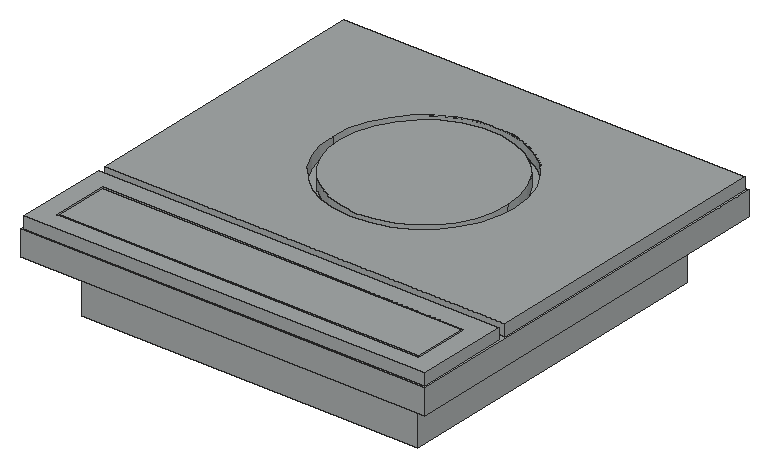
Revit family "Gira_5531902", category Electrical Fixtures, host Face, Revit 2017
Family settings
  Host = Face
  Maintain Annotation Orientation = Yes
  Round Connector Dimension = Use Diameter
  Part Type = Normal
  Cut with Voids When Loaded = No
  Shared = No
  Room Calculation Point = No
Parameters (values of type "Call-btn mod.1-g System 106 traffic white(lac.)")
  Width = "0.1065"
  URL = "http://katalog.gira.de/en/datenblatt.html?artikelnr=5531902"
  Number of bell buttons = "1"
  Name = "Call-btn mod.1-g System 106 traffic white(lac.)"
  Model = "Sys106_Abdeckung_Schalten und Tasten"
  Manufacturer URL = "https://www.gira.de/"
  Manufacturer = "Gira"
  Installation technique = "Bus system"
  HeinzeBIM = "https://bimportal.heinze.de/bim/call-btn-mod-1-g-system-106-traffic-white-lac-/81a64e93db3b58fda3296048e7ac68b0a3b0f5c1"
  Height = "0.1065"
  HAN = "5531902"
  GTIN = "4010337022602"
  Edelstahl [instance] = Edelstahl
  Description = "C.btn mod.1g S106 TWl,System 106 call-button module,1-gang,Traffic white (laquered),The Gira System 106 is an installation system made of metal in a puristic and elegant frameless design, based on basic measurements of 106.5 × 106.5 mm. With the modular door intercom in Gira System 106, hospitality begins even before you reach the front door. All the functions are presented in a harmonious overall appearance, from the call button module, intercom module, and camera module, up to the info and blank module. In the dark, backlit call buttons with inscription space ensure good legibility and an attractive appearance.,,Individually adaptable modular system, The System 106 can be used in family homes or apartment buildings, as well as in office buildings, industrial properties, and hotels. The modular design enables the system's size, design, and functionality to be individually adapted to the respective requirements. Expansions and changes are possible at any time by easily exchanging the modules.,With this system, it is also possible to exchange the fronts only. This means that the appearance of the system can be changed from e.g. traffic white to a stainless steel surface at a later stage, without having to exchange the electronic units.,,High-quality materials,The modules are frameless with design fronts made of genuine materials, available in two brushed stainless steel versions (V2A and V4A), anodised aluminium C-0, and a metal alloy lacquered in traffic white (RAL 9016): all robust materials which ensure durability. The camera and DIN 18040 display module feature a black glass cover.,,Easy and phased installation,The system can be installed in phases, in parallel to the progress of building work. In this way, it is possible to initially install only the lower part of a surface-mounted housing during construction of the shell; cables and modules can then be added when they are needed.,,Individual inscription options,Call button modules and info modules can be labelled individually via the Gira inscription service.,,Features:,- Easy-to-use, vandal-proof, and scratch-resistant call buttons.,- Function changes, e.g. from 2-gang to 4-gang, can be easily realised by replacing the buttons.,- Various inscription options possible.,,Notes :,- Professional labelling with the Gira Inscription Service www.marking.gira.com."
  Default Elevation = 1219.2 mm
  Data sheet (1) = "https://katalog.gira.de/en/download.html?artikelnr=5531902"
  Colour = "White"
  Category = "Functional module for door communication"
  BIM (1) = "https://media.stage.bim.site/public/gira/36a6b08/Sys106_Abdeckung_Schalten und Tasten.rfa?public/gira/36a6b08/Sys106_Abdeckung_Schalten und Tasten.rfa"
  Available = "No"
Reference planes
  plane 1 "Center (Front/Back)": y = 0
  plane 2 "Reference Level 0": z = 0
  plane 3 "Center (Left/Right)": x = 0
  plane 4 "Reference Level 1": z = 9.5
Forms (mm)
  Extrusion 1, solid, material "Edelstahl" <- "Edelstahl", detail levels coarse
    sketch origin (0, 0, 0) x (1, 0, 0) y (0, 1, 0)
      loop
        line (-53, 53) -> (-53, -53) -> (53, -53) -> (53, 53) -> (-53, 53)
    from -14.7 to 9.5
  Extrusion 2, solid, material "Edelstahl" <- "Edelstahl", detail levels fine
    sketch origin (0, 0, 0) x (1, 0, 0) y (0, 1, 0)
      loop
        line (52.5, -28) -> (-52.5, -28) -> (-52.5, -52.5) -> (52.5, -52.5) -> (52.5, -28)
      loop
        line (-47.5, -48) -> (47.5, -48) -> (47.5, -33) -> (-47.5, -33) -> (-47.5, -48)
    from 6.5 to 9.5
  Extrusion 3, solid, material "Edelstahl" <- "Edelstahl", detail levels fine
    sketch origin (0, 0, 0) x (1, 0, 0) y (0, 1, 0)
      loop
        line (-52.5, 52.5) -> (-52.5, -26) -> (52.5, -26) -> (52.5, 52.5) -> (-52.5, 52.5)
      loop
        circle (0, 13) r 24
    from 6.5 to 9.5
  Extrusion 4, solid, material "Edelstahl" <- "Edelstahl", detail levels medium+fine
    sketch origin (0, 0, 0) x (1, 0, 0) y (0, 1, 0)
      loop
        line (-53, 53) -> (-53, -53) -> (53, -53) -> (53, 53) -> (-53, 53)
    from 0 to 6.5
  Extrusion 5, solid, material "Edelstahl" <- "Edelstahl", detail levels fine
    sketch origin (0, 0, 0) x (1, 0, 0) y (0, 1, 0)
      loop
        line (-44, 44) -> (-44, -44) -> (44, -44) -> (44, 44) -> (-44, 44)
    from -14.7 to 0
  Extrusion 6, solid, material "Edelstahl" <- "Edelstahl", detail levels fine
    sketch origin (0, 0, 0) x (1, 0, 0) y (0, 1, 0)
      loop
        circle (0, 13) r 22
    from 6.5 to 9.5
  Extrusion 7, solid, material "Edelstahl" <- "Edelstahl", detail levels fine
    sketch origin (0, 0, 0) x (1, 0, 0) y (0, 1, 0)
      loop
        line (-47, -33.5) -> (-47, -47.5) -> (47, -47.5) -> (47, -33.5) -> (-47, -33.5)
    from 6.5 to 9.5
  Extrusion 8, solid, material "Edelstahl" <- "Edelstahl", detail levels medium
    sketch origin (0, 0, 0) x (1, 0, 0) y (0, 1, 0)
      loop
        line (-52.5, 52.5) -> (-52.5, -26) -> (52.5, -26) -> (52.5, 52.5) -> (-52.5, 52.5)
      loop
        line (-52.5, -28) -> (-52.5, -52.5) -> (52.5, -52.5) -> (52.5, -28) -> (-52.5, -28)
    from 6.5 to 9.5
  Extrusion 9, solid, material "Edelstahl" <- "Edelstahl", detail levels medium
    sketch origin (0, 0, 0) x (1, 0, 0) y (0, 1, 0)
      loop
        circle (0, 13) r 24
      loop
        line (-47.5, -33) -> (-47.5, -48) -> (47.5, -48) -> (47.5, -33) -> (-47.5, -33)
    from 6.5 to 9.5
Dimensions and locks
  aligned and locked: plane 2 "Reference Level 0" to host face
  aligned and locked: level to host face
  aligned and locked: Extrusion 4 to host face
  aligned and locked: Extrusion 4 to level
  aligned and locked: level to Extrusion 5
  aligned and locked: level to Extrusion 4
  aligned and locked: Extrusion 4 to plane 2 "Reference Level 0"
  aligned and locked: plane 2 "Reference Level 0" to Extrusion 5
  aligned and locked: plane 3 "Center (Left/Right)" to nested 1
  aligned and locked: plane 1 "Center (Front/Back)" to nested 1
Nested families
  nested 1: "Schalter" at (0, 0, 0), type "Schalter"
Connectors
  electrical at (0, 0, -14.7)
    settings: on Extrusion 5, index 1, voltage 220 V, apparent load 0 VA, apparent load phase1 0 VA, apparent load phase2 0 VA, apparent load phase3 0 VA, power factor 1, load classification "Other", number of poles 1, system type 30, power factor state 1, is connector primary yes, connector utility no, sub classification motor no, connector description ""
Definition of nested family "Schalter"
  Reference planes
    plane 1: y = 0
    plane 2: x = 0
  Lines and regions (mm)
    detail lines
      curve 1: circle (1.375, 2.778, 0) r 0.8 normal (0, 0, 1)
      curve 2: line (1.021, 2.061, 0) -> (0, 0, 0)
      curve 3: line (0, 0, 0) -> (-0.538, 0.266, 0)
  Dimensions and locks
    curve 2 to curve 2 = 2.3 mm
    curve 3 to curve 2 = 0.6 mm
    radius of curve 1 = 0.8 mm
